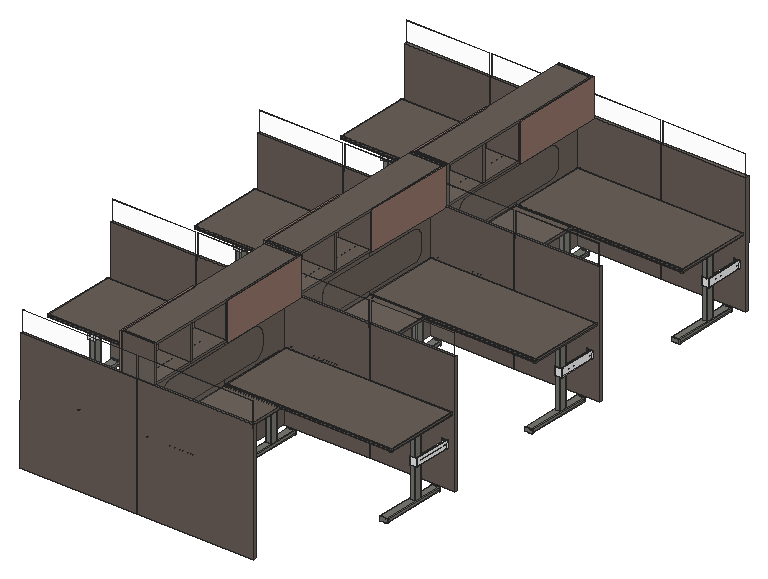
Revit family "OFS TYPICAL T200051", category Furniture, Revit 2018 (continued)
Definition of nested family "STAKS BENCHING CANTILEVER WORKSURFACE BRACKET - OPEN"
  Automatic sketch dimensions
    radius of Extrusion 4 sketch curve = 3/32"  (x16)
    radius of Extrusion 5 sketch curve = 3/32"  (x16)
Definition of nested family "OFS STAKS HEIGHT ADJUSTABLE LEG WALL PANEL BRACKET"
  Parameters (values of type "HA Leg Wall Panel Bracket")
    Width = 15 3/8"
    URL = "https://ofs.com/"
    Model = "6-HAWPB"
    Manufacturer = "OFS"
    Height From Floor = 17 3/8"
    Height = 3 1/8"
    Gap = 1"
    Description = "OFS STAKS HEIGHT ADJUSTABLE LEG WALL PANEL BRACKET"
    Depth = 3"
    Copyright © = "©OFS 2021"
    Catalog = "https://ofs.com/products/casegoods/private-office/staks"
    Bracket Material = none
    Authoring Version = "Autodesk Revit Architecture 2015"
    Assembly Code = "E2020200"
  Reference planes (in)
    plane 1: z = 0
    plane 2 "Center (Front/Back)": y = 1.37535
    plane 3 "LEFT": x = -24.1875
    plane 4 "BASE TOP": z = 17.375
    plane 5 "RIGHT": x = -8.8125
    plane 6: z = 14.25
    plane 7: y = 2.87535
    plane 8 "CENTER": x = -16.5
    plane 9: y = -0.12465
  Forms (in)
    Extrusion 1, solid, material <- "Bracket Material"
      sketch origin (0, 0, 0) x (1, 0, 0) y (0, 1, 0)
        loop
          line (-23.8814, -0.08743) -> (-20.934, -0.08743)
          arc (-20.934, -0.08743) -> (-20.75722, -0.0142) -> (-20.684, 0.16257) r 0.25
          line (-20.684, 0.16257) -> (-20.684, 1.74435)
          arc (-20.684, 1.74435) -> (-20.64059, 1.84915) -> (-20.5358, 1.89255) r 0.1482
          line (-20.5358, 1.89255) -> (-19.684, 1.89255) -> (-19.684, 2.04855) -> (-20.66133, 2.04855)
          arc (-20.66133, 2.04855) -> (-20.78767, 1.99623) -> (-20.84, 1.86989) r 0.17866
          line (-20.84, 1.86989) -> (-20.84, 0.19997)
          arc (-20.84, 0.19997) -> (-20.87848, 0.10706) -> (-20.97139, 0.06857) r 0.13139
          line (-20.97139, 0.06857) -> (-23.87175, 0.06857)
          arc (-23.87175, 0.06857) -> (-23.96244, 0.10614) -> (-24, 0.19682) r 0.12825
          line (-24, 0.19682) -> (-24, 2.87535) -> (-24.156, 2.87535) -> (-24.156, 0.18717)
          arc (-24.156, 0.18717) -> (-24.07557, -0.007) -> (-23.8814, -0.08743) r 0.2746
        loop
          line (-9.0625, 2.87535) -> (-9.0625, 0.62535) -> (-8.8125, 0.62535) -> (-8.8125, 2.87535) -> (-9.0625, 2.87535)
      from 14.25 to 17.375
    Extrusion 2, solid, material <- "Bracket Material"
      sketch origin (-16.5, 0, 0) x (0, 1, 0) y (0, 0, 1)
        loop
          line (2.28173, 17.01716) -> (2.36333, 17.01716)
          arc (2.36333, 17.01716) -> (2.38127, 17.0136) -> (2.39647, 17.00344) r 0.04688
          line (2.39647, 17.00344) -> (2.5173, 16.88267)
          arc (2.5173, 16.88267) -> (2.55797, 16.82183) -> (2.57225, 16.75005) r 0.1875
          line (2.57225, 16.75005) -> (2.57225, 16.46424)
          arc (2.57225, 16.46424) -> (2.55797, 16.39247) -> (2.5173, 16.33163) r 0.1875
          line (2.5173, 16.33163) -> (2.39647, 16.21085)
          arc (2.39647, 16.21085) -> (2.38127, 16.2007) -> (2.36333, 16.19713) r 0.04688
          line (2.36333, 16.19713) -> (2.28173, 16.19713)
          arc (2.28173, 16.19713) -> (2.24476, 16.21244) -> (2.22945, 16.24941) r 0.05228
          line (2.22945, 16.24941) -> (2.22945, 16.34557) -> (2.08795, 16.34557) -> (2.08795, 15.29033) -> (2.22945, 15.29033) -> (2.22945, 15.3865)
          arc (2.22945, 15.3865) -> (2.24476, 15.42346) -> (2.28173, 15.43878) r 0.05228
          line (2.28173, 15.43878) -> (2.36333, 15.43878)
          arc (2.36333, 15.43878) -> (2.38127, 15.43521) -> (2.39647, 15.42505) r 0.04688
          line (2.39647, 15.42505) -> (2.5173, 15.30428)
          arc (2.5173, 15.30428) -> (2.55797, 15.24344) -> (2.57225, 15.17167) r 0.1875
          line (2.57225, 15.17167) -> (2.57225, 14.88585)
          arc (2.57225, 14.88585) -> (2.55797, 14.81408) -> (2.5173, 14.75324) r 0.1875
          line (2.5173, 14.75324) -> (2.39647, 14.63247)
          arc (2.39647, 14.63247) -> (2.38127, 14.62231) -> (2.36333, 14.61874) r 0.04688
          line (2.36333, 14.61874) -> (2.28173, 14.61874)
          arc (2.28173, 14.61874) -> (2.24476, 14.63406) -> (2.22945, 14.67102) r 0.05228
          line (2.22945, 14.67102) -> (2.22945, 14.76719) -> (2.08795, 14.76719) -> (2.08795, 14.375)
          arc (2.08795, 14.375) -> (2.12456, 14.28661) -> (2.21295, 14.25) r 0.125
          line (2.21295, 14.25) -> (2.75035, 14.25)
          arc (2.75035, 14.25) -> (2.83874, 14.28661) -> (2.87535, 14.375) r 0.125
          line (2.87535, 14.375) -> (2.87535, 17.25)
          arc (2.87535, 17.25) -> (2.83874, 17.33839) -> (2.75035, 17.375) r 0.125
          line (2.75035, 17.375) -> (2.21295, 17.375)
          arc (2.21295, 17.375) -> (2.12456, 17.33839) -> (2.08795, 17.25) r 0.125
          line (2.08795, 17.25) -> (2.08795, 16.86872) -> (2.22945, 16.86872) -> (2.22945, 16.96488)
          arc (2.22945, 16.96488) -> (2.24476, 17.00185) -> (2.28173, 17.01716) r 0.05228
      from -7.5 to 7.4375
    Extrusion 3, void
      sketch origin (-16.5, 0, 0) x (0, 1, 0) y (0, 0, 1)
        loop
          line (2.87535, 17.25) -> (3.00035, 17.25) -> (3.00035, 17.45766) -> (2.75035, 17.45766) -> (2.75035, 17.375)
          arc (2.75035, 17.375) -> (2.83874, 17.33839) -> (2.87535, 17.25) r 0.125
        loop
          arc (2.87535, 14.375) -> (2.83874, 14.28661) -> (2.75035, 14.25) r 0.125
          line (2.75035, 14.25) -> (2.75035, 14.16734) -> (3.00035, 14.16734) -> (3.00035, 14.375) -> (2.87535, 14.375)
      from -8.40128 to 8.67128
    Extrusion 4, void
      sketch origin (-16.5, 0, 0) x (0, 1, 0) y (0, 0, 1)
        loop
          line (0.75035, 17.375) -> (0.75035, 17.43826) -> (0.50035, 17.43826) -> (0.50035, 17.25) -> (0.62535, 17.25)
          arc (0.62535, 17.25) -> (0.66196, 17.33839) -> (0.75035, 17.375) r 0.125
        loop
          arc (0.75035, 14.25) -> (0.66196, 14.28661) -> (0.62535, 14.375) r 0.125
          line (0.62535, 14.375) -> (0.50035, 14.375) -> (0.50035, 14.18674) -> (0.75035, 14.18674) -> (0.75035, 14.25)
      from 6.86906 to 8.45169
    Extrusion 5, void
      sketch origin (-16.5, 0, 0) x (0, 1, 0) y (0, 0, 1)
        loop
          arc (1.44174, 17.375) -> (1.53313, 17.33528) -> (1.56644, 17.24136) r 0.125
          arc (1.56644, 17.24136) -> (1.58138, 17.19922) -> (1.62239, 17.18139) r 0.05609
          line (1.62239, 17.18139) -> (2.13872, 17.18139) -> (2.13872, 17.43389) -> (1.44174, 17.43389) -> (1.44174, 17.375)
        loop
          line (1.44174, 14.27465) -> (1.44174, 14.21575) -> (2.13872, 14.21575) -> (2.13872, 14.46826) -> (1.62239, 14.46826)
          arc (1.62239, 14.46826) -> (1.58138, 14.45043) -> (1.56644, 14.40829) r 0.05609
          arc (1.56644, 14.40829) -> (1.53313, 14.31437) -> (1.44174, 14.27465) r 0.125
      from -5.08782 to -2.57666
    Extrusion 6, void
      sketch origin (0, 1.37535, 0) x (1, 0, 0) y (0, 0, 1)
        loop
          line (-19.684, 16.93139) -> (-19.62822, 16.93139) -> (-19.62822, 17.24573) -> (-19.934, 17.24573) -> (-19.934, 17.18139)
          arc (-19.934, 17.18139) -> (-19.75722, 17.10817) -> (-19.684, 16.93139) r 0.25
        loop
          arc (-19.684, 14.71826) -> (-19.75722, 14.54148) -> (-19.934, 14.46826) r 0.25
          line (-19.934, 14.46826) -> (-19.934, 14.40392) -> (-19.62822, 14.40392) -> (-19.62822, 14.71826) -> (-19.684, 14.71826)
      from -1.0177 to 0.25
    Extrusion 7, void
      sketch origin (-16.5, 0.26562, 0) x (0, 1, 0) y (0, 0, 1)
        loop
          circle (1.10682, 16.74021) r 0.125
        loop
          circle (1.10682, 14.88479) r 0.125
      from 6.35229 to 7.96968
  Cuts and joins
    Extrusion 3, Extrusion 4, Extrusion 5, Extrusion 6, Extrusion 7 cuts Extrusion 1
  Dimensions and locks (in)
    "Height From Floor": plane 4 "BASE TOP" to plane 1
    "Height": plane 4 "BASE TOP" to plane 6
    equal spacing: plane 3 "LEFT", plane 8 "CENTER", plane 5 "RIGHT"
    equal spacing: plane 9, plane 2 "Center (Front/Back)", plane 7
    "Width": plane 3 "LEFT" to plane 5 "RIGHT"
    "Depth": plane 9 to plane 7
    aligned and locked: level to plane 1
    aligned and locked: Extrusion 1 to plane 4 "BASE TOP"
    aligned and locked: Extrusion 1 to plane 6
  Automatic sketch dimensions
    plane 6 to Extrusion 2 sketch curve = 0"
    plane 4 "BASE TOP" to Extrusion 2 sketch curve = 0"
    Extrusion 2 sketch curve to plane 7 = 0"
    plane 4 "BASE TOP" to Extrusion 2 sketch curve = 1/8"  (x2)
    plane 7 to Extrusion 2 sketch curve = 1/8"
    plane 7 to Extrusion 2 sketch curve = 0.3031"  (x2)
    Extrusion 2 sketch curve to Extrusion 2 sketch curve = 0.05495"  (x4)
    Extrusion 2 sketch curve to Extrusion 2 sketch curve = 0.12083"  (x4)
    Extrusion 2 sketch curve to Extrusion 2 sketch curve = 0.13255"  (x4)
    Extrusion 2 sketch curve to Extrusion 2 sketch curve = 0.03314"  (x4)
    Extrusion 2 sketch curve to Extrusion 2 sketch curve = 0.08161"  (x4)
    Extrusion 2 sketch curve to Extrusion 2 sketch curve = 0.05228"  (x4)
    Extrusion 2 sketch curve to Extrusion 2 sketch curve = 0.06878"  (x2)
    Extrusion 2 sketch curve to Extrusion 2 sketch curve = 0.1415"  (x2)
    Extrusion 2 sketch curve to Extrusion 2 sketch curve = 0.24374"
    Extrusion 2 sketch curve to Extrusion 2 sketch curve = 0.01372"  (x2)
    Extrusion 2 sketch curve to Extrusion 2 sketch curve = 0.12077"  (x2)
    Extrusion 2 sketch curve to Extrusion 2 sketch curve = 0.09616"  (x4)
    Extrusion 2 sketch curve to Extrusion 2 sketch curve = 0.28581"  (x2)
    Extrusion 2 sketch curve to Extrusion 2 sketch curve = 0.11867"  (x2)
    Extrusion 2 sketch curve to Extrusion 2 sketch curve = 3/64"  (x2)
    Extrusion 2 sketch curve to Extrusion 2 sketch curve = 0.75836"
    plane 7 to Extrusion 1 sketch curve = 0"  (x2)
    Extrusion 1 sketch curve to plane 5 "RIGHT" = 0"
    Extrusion 1 sketch curve to plane 5 "RIGHT" = 1/4"
    Extrusion 1 sketch curve to plane 2 "Center (Front/Back)" = 0.51721"
    Extrusion 1 sketch curve to plane 8 "CENTER" = 3.184"
    Extrusion 1 sketch curve to plane 2 "Center (Front/Back)" = 0.369"
    Extrusion 1 sketch curve to Extrusion 1 sketch curve = 0.8518"
    Extrusion 1 sketch curve to Extrusion 1 sketch curve = 0.12554"  (x2)
    Extrusion 1 sketch curve to Extrusion 1 sketch curve = 0.156"
    Extrusion 1 sketch curve to plane 9 = 0.03723"
    Extrusion 1 sketch curve to Extrusion 1 sketch curve = 0.094"
    Extrusion 1 sketch curve to Extrusion 1 sketch curve = 0.03739"
    plane 3 "LEFT" to Extrusion 1 sketch curve = 0.31575"
    Extrusion 1 sketch curve to Extrusion 1 sketch curve = 0.00965"
    plane 3 "LEFT" to Extrusion 1 sketch curve = 3/16"
    plane 3 "LEFT" to Extrusion 1 sketch curve = 0.0315"
    Extrusion 1 sketch curve to Extrusion 1 sketch curve = 0.1186"
    plane 2 "Center (Front/Back)" to Extrusion 1 sketch curve = 3/4"
    plane 4 "BASE TOP" to Extrusion 3 sketch curve = 0"
    plane 6 to Extrusion 3 sketch curve = 0"
    Extrusion 3 sketch curve to plane 7 = 0"  (x2)
    Extrusion 3 sketch curve to plane 6 = 1/8"
    plane 7 to Extrusion 3 sketch curve = 1/8"
    Extrusion 3 sketch curve to plane 7 = 1/8"  (x2)
    plane 6 to Extrusion 3 sketch curve = 0.08266"
    Extrusion 3 sketch curve to Extrusion 3 sketch curve = 0.08266"
    plane 6 to Extrusion 4 sketch curve = 0"
    plane 4 "BASE TOP" to Extrusion 4 sketch curve = 0"
    Extrusion 4 sketch curve to plane 6 = 1/8"
    Extrusion 4 sketch curve to plane 9 = 5/8"  (x2)
    plane 4 "BASE TOP" to Extrusion 4 sketch curve = 1/8"
    Extrusion 4 sketch curve to Extrusion 4 sketch curve = 1/8"  (x2)
    Extrusion 4 sketch curve to Extrusion 4 sketch curve = 0.06326"
    Extrusion 4 sketch curve to plane 4 "BASE TOP" = 0.06326"
    plane 4 "BASE TOP" to Extrusion 5 sketch curve = 0"
    Extrusion 5 sketch curve to plane 2 "Center (Front/Back)" = 17/256"  (x2)
    Extrusion 5 sketch curve to Extrusion 5 sketch curve = 0.18065"  (x2)
    plane 4 "BASE TOP" to Extrusion 5 sketch curve = 0.19361"
    Extrusion 5 sketch curve to Extrusion 5 sketch curve = 0.51633"  (x2)
    plane 6 to Extrusion 5 sketch curve = 0.03425"
    Extrusion 5 sketch curve to plane 6 = 0.02465"
    Extrusion 5 sketch curve to Extrusion 5 sketch curve = 1/8"
    Extrusion 5 sketch curve to plane 6 = 0.16217"
    Extrusion 5 sketch curve to plane 6 = 0.21826"
    Extrusion 5 sketch curve to Extrusion 5 sketch curve = 0.05609"
    plane 4 "BASE TOP" to Extrusion 5 sketch curve = 1/8"
    Extrusion 5 sketch curve to plane 4 "BASE TOP" = 0.05889"
    plane 4 "BASE TOP" to Extrusion 6 sketch curve = 0.44361"
    Extrusion 6 sketch curve to plane 8 "CENTER" = 3.434"
    Extrusion 6 sketch curve to plane 6 = 0.15392"
    Extrusion 6 sketch curve to Extrusion 6 sketch curve = 0"
    Extrusion 6 sketch curve to Extrusion 6 sketch curve = 1/4"  (x2)
    Extrusion 6 sketch curve to Extrusion 6 sketch curve = 0.05578"
    Extrusion 6 sketch curve to Extrusion 6 sketch curve = 0.30578"
    Extrusion 6 sketch curve to Extrusion 6 sketch curve = 0.06433"  (x2)
    plane 2 "Center (Front/Back)" to Extrusion 7 sketch curve = 0.0029"  (x2)
    Extrusion 7 sketch curve to plane 6 = 0.63479"
    plane 4 "BASE TOP" to Extrusion 7 sketch curve = 0.63479"
    radius of Extrusion 7 sketch curve = 1/8"  (x2)
Definition of nested family "OFS ELEMENT OPEN L DESK LEFT AND RIGHT 84in Width 60in Return"
  Parameters (values of type "ELEMENT OPEN L DESK RIGHT RETURN 84in Width 60in Return")
    Worksurface Material = none
    Width = 84"
    URL = "http://www.ofsbrands.com/"
    Transaction Shelf Material = none
    Table Supp from Lateral = 2 5/8"
    Table Supp from Center = 11 1/8"
    Table Depth = 13 1/2"
    Right Return Desk Option = no
    Right Desk Ovelay [instance] = and(Right Return Desk Option, Desk Overlay Option)  # no
    Return Worksurface Width = 22"
    Paper Organizer Material = none
    Paper Organizer Depth = 12 3/4"
    Paper Organizer Clearance = 4 5/8"
    Paper Organizer Board Thickness = 3/4"
    Model = "EL-T84RL60C"
    Manufacturer = "OFS"
    Left Return Desk Option = yes
    Left Desk Overlay [instance] = and(Left Return Desk Option, Desk Overlay Option)  # yes
    Lateral Board Thickness = 1 3/16"
    Height = 45"
    Standoffs Material = none
    Groomet Material = none
    Desk Overlay Thickness = 1/8"
    Desk Overlay Option [instance] = yes
    Desk Overlay Material = none
    Desk Overlay = 6 1/2"
    Description = "OFS BRANDS OFS ELEMENT OPEN L DESK RIGHT RETURN 84\" Width, 84\"W x 34.3125\"D DESK, 60\"W x 22\"D RETURN With Paper Organizer"
    Desk Depth = 34 5/16"
    Depth = 94 5/16"
    Copyright © = "© 2018 OFS BRANDS"
    Catalog = "http://ofs.com/products/casegoods/reception/element"
    Bottom Board Offset = 0"
    Chassis Material = none
    Base Depth = 30"
    Back Board Thickness = 1 3/16"
    Authoring Version = "Autodesk Revit Architecture 2013"
    Assembly Code = "E2020200"
  Types (3): name | Model | Left Return Desk Option | Left Desk Overlay | Description
    (no name) | "EL-T84RL60C" | yes | yes | "OFS BRANDS OFS ELEMENT OPEN L DESK RIGHT RETURN 84\" Width, 84\"W x 34.3125\"D DESK, 60\"W x 22\"D RETURN With Paper Organizer"
    ELEMENT OPEN L DESK LEFT RETURN 84in Width 60in Return | "EL-T84LL60C" | no | no | "OFS BRANDS OFS ELEMENT OPEN L DESK LEFT RETURN 84\" Width, 84\"W x 34.3125\"D DESK, 60\"W x 22\"D RETURN With Paper Organizer"
    ELEMENT OPEN L DESK RIGHT RETURN 84in Width 60in Return | "EL-T84RL60C" | yes | yes | "OFS BRANDS OFS ELEMENT OPEN L DESK RIGHT RETURN 84\" Width, 84\"W x 34.3125\"D DESK, 60\"W x 22\"D RETURN With Paper Organizer"
  Reference planes (in)
    plane 1 "Center Front/Back": y = 0
    plane 2: z = 0
    plane 3 "Center Left/Right": x = 0
    plane 4 "Back External": y = 17.15625
    plane 5 "Right External": x = 42
    plane 6 "Front External": y = -17.15625
    plane 7 "Left External": x = -42
    plane 8 "Seat Height": z = 29.5
    plane 9 "Height": z = 45
    plane 10: x = 40.8125
    plane 11: x = -40.8125
    plane 12: y = 12.84375
    plane 13: y = 11.65625
    plane 14: y = 3.65625
    plane 15: z = 40.5
    plane 16: z = 28.5
    plane 17: z = 43.875
    plane 18: z = 39.375
    plane 19: z = 0
    plane 20: x = 39.375
    plane 21: x = 2.625
    plane 22: x = 35.5
    plane 23: z = 6.5
    plane 24: z = 34
    plane 25: y = 12.96875
    plane 26: y = -77.15625
    plane 27: x = -20
    plane 28: x = 20
    plane 29: y = -75.96875
    plane 30: x = -37
    plane 31: x = 37
    plane 32: y = -47.15625
    plane 33: x = 6.5
    plane 34: y = -18.34375
    plane 35: y = -75.21875
    plane 36: x = -40.0625
    plane 37: y = -19.09375
    plane 38: x = -28.0625
    plane 39: z = 34.125
    plane 40: z = 39.75
    plane 41: z = 34.875
    plane 42: y = -61.5625
    plane 43: y = -32.75
    plane 44: x = -28.8125
    plane 45: x = 20
    plane 46: x = 37
    plane 47: y = -19.09375
    plane 48: x = 28.0625
    plane 49: y = -61.5625
    plane 50: y = -32.75
    plane 51: x = 28.8125
    plane 52: x = -39.375
    plane 53: x = -2.625
    plane 54: x = -35.5
    plane 55: x = -6.5
  Forms (in)
    Extrusion 1, solid, material <- "Chassis Material", visible <- "Left Return Desk Option"
      sketch origin (0, 0, 0) x (1, 0, 0) y (0, 1, 0)
        loop
          line (42, 12.84375) -> (0, 12.84375) -> (0, 11.65625) -> (40.8125, 11.65625) -> (40.8125, -17.15625) -> (42, -17.15625) -> (42, 12.84375)
      from 0 to 40.5
    Extrusion 2, solid, material <- "Chassis Material", visible <- "Left Return Desk Option"
      sketch origin (0, 0, 6) x (1, 0, 0) y (0, 1, 0)
        loop
          line (0, 11.65625) -> (0, 3.65625) -> (40.8125, 3.65625) -> (40.8125, 11.65625) -> (0, 11.65625)
      from 33.375 to 34.5
    Extrusion 3, solid, material <- "Transaction Shelf Material", visible <- "Left Return Desk Option"
      sketch origin (0, 0, 6) x (1, 0, 0) y (0, 1, 0)
        loop
          line (0, 17.15625) -> (0, 3.65625) -> (42, 3.65625) -> (42, 17.15625) -> (0, 17.15625)
      from 37.875 to 39
    Extrusion 4, solid, material <- "Standoffs Material", visible <- "Left Return Desk Option"
      sketch origin (44.5, 0, 0) x (1, 0, 0) y (0, 1, 0)
        loop
          circle (-41.875, 10.04085) r 0.625
      from 40.5 to 43.875
    Extrusion 5, solid, material <- "Standoffs Material", visible <- "Left Return Desk Option"
      sketch origin (44.5, -4.75, 0) x (1, 0, 0) y (0, 1, 0)
        loop
          circle (-41.875, 10.04085) r 0.625
      from 40.5 to 43.875
    Extrusion 6, solid, material <- "Standoffs Material", visible <- "Left Return Desk Option"
      sketch origin (66.75, 0, 0) x (1, 0, 0) y (0, 1, 0)
        loop
          circle (-27.375, 10.04085) r 0.625
      from 40.5 to 43.875
    Extrusion 7, solid, material <- "Standoffs Material", visible <- "Left Return Desk Option"
      sketch origin (66.75, -4.75, 0) x (1, 0, 0) y (0, 1, 0)
        loop
          circle (-27.375, 10.04085) r 0.625
      from 40.5 to 43.875
    Extrusion 8, solid, material <- "Chassis Material", visible <- "Left Return Desk Option"
      sketch origin (0, 0, 0) x (1, 0, 0) y (0, 1, 0)
        loop
          line (-42, -17.15625) -> (-42, -77.15625) -> (-20, -77.15625) -> (-20, -75.96875) -> (-40.8125, -75.96875) -> (-40.8125, -18.34375) -> (-20, -18.34375) -> (-20, -17.15625) -> (-42, -17.15625)
      from 0 to 40.5
    Extrusion 9, solid, material <- "Worksurface Material", visible <- "Left Return Desk Option"
      sketch origin (14.83926, -32.43958, 0) x (1, 0, 0) y (0, 1, 0)
        loop
          line (-55.65176, 14.09583) -> (-55.65176, -43.52917) -> (-34.83926, -43.52917) -> (-34.83926, 14.09583) -> (-55.65176, 14.09583)
      from 28.5 to 29.5
    Extrusion 10, solid, material <- "Desk Overlay Material", visible <- "Left Desk Overlay"
      sketch origin (0, 0, 0) x (1, 0, 0) y (0, 0, 1)
        loop
          line (35.5, 34) -> (6.5, 34) -> (6.5, 6.5) -> (35.5, 6.5) -> (35.5, 34)
      from -12.96875 to -12.84375
    Extrusion 11, solid, material <- "Chassis Material", visible <- "Left Return Desk Option"
      sketch origin (-18.5848, -3.95032, 0) x (1, 0, 0) y (0, 1, 0)
        loop
          line (19.7723, 15.60657) -> (18.5848, 15.60657) -> (18.5848, 3.95032) -> (19.7723, 3.95032) -> (19.7723, 15.60657)
      from 0 to 28.5
    Extrusion 12, solid, material <- "Paper Organizer Material", visible <- "Left Return Desk Option"
      sketch origin (0, 0, 0) x (1, 0, 0) y (0, 1, 0)
        loop
          line (-28.0625, -19.09375) -> (-28.0625, -18.34375) -> (-40.8125, -18.34375) -> (-40.8125, -75.96875) -> (-28.0625, -75.96875) -> (-28.0625, -75.21875) -> (-40.0625, -75.21875) -> (-40.0625, -19.09375) -> (-28.0625, -19.09375)
      from 34.125 to 40.5
    Extrusion 13, solid, material <- "Paper Organizer Material", visible <- "Left Return Desk Option"
      sketch origin (0, 0, 0) x (1, 0, 0) y (0, 1, 0)
        loop
          line (-40.8125, -18.34375) -> (-40.8125, -75.96875) -> (-28.0625, -75.96875) -> (-28.0625, -18.34375) -> (-40.8125, -18.34375)
      from 39.75 to 40.5
    Extrusion 14, solid, material <- "Paper Organizer Material", visible <- "Left Return Desk Option"
      sketch origin (0, 0, 0) x (1, 0, 0) y (0, 1, 0)
        loop
          line (-40.8125, -18.34375) -> (-40.8125, -75.96875) -> (-28.0625, -75.96875) -> (-28.0625, -18.34375) -> (-40.8125, -18.34375)
      from 34.125 to 34.875
    Extrusion 15, solid, material <- "Paper Organizer Material", visible <- "Left Return Desk Option"
      sketch origin (0, 0, 0) x (1, 0, 0) y (0, 1, 0)
        loop
          line (-40.0625, -32.625) -> (-40.0625, -32.875) -> (-28.8125, -32.875) -> (-28.8125, -32.625) -> (-40.0625, -32.625)
      from 34.875 to 39.75
    Extrusion 16, solid, material <- "Paper Organizer Material", visible <- "Left Return Desk Option"
      sketch origin (0, -11.40625, 0) x (1, 0, 0) y (0, 1, 0)
        loop
          line (-40.0625, -35.625) -> (-40.0625, -35.875) -> (-28.8125, -35.875) -> (-28.8125, -35.625) -> (-40.0625, -35.625)
      from 34.875 to 39.75
    Extrusion 17, solid, material <- "Paper Organizer Material", visible <- "Left Return Desk Option"
      sketch origin (0, -22.8125, 0) x (1, 0, 0) y (0, 1, 0)
        loop
          line (-40.0625, -38.625) -> (-40.0625, -38.875) -> (-28.8125, -38.875) -> (-28.8125, -38.625) -> (-40.0625, -38.625)
      from 34.875 to 39.75
    Extrusion 18, solid, material <- "Chassis Material", visible <- "Right Return Desk Option"
      sketch origin (0, 0, 0) x (-1, 0, 0) y (0, -1, 0)
        loop
          line (-42, 17.15625) -> (-20, 17.15625) -> (-20, 18.34375) -> (-40.8125, 18.34375) -> (-40.8125, 75.96875) -> (-20, 75.96875) -> (-20, 77.15625) -> (-42, 77.15625) -> (-42, 17.15625)
      from 0 to 40.5
    Extrusion 19, solid, material <- "Worksurface Material", visible <- "Right Return Desk Option"
      sketch origin (-14.83926, -32.43958, 0) x (-1, 0, 0) y (0, -1, 0)
        loop
          line (-55.65176, -14.09583) -> (-34.83926, -14.09583) -> (-34.83926, 43.52917) -> (-55.65176, 43.52917) -> (-55.65176, -14.09583)
      from 28.5 to 29.5
    Extrusion 20, solid, material <- "Paper Organizer Material", visible <- "Right Return Desk Option"
      sketch origin (0, 0, 0) x (-1, 0, 0) y (0, -1, 0)
        loop
          line (-28.0625, 19.09375) -> (-40.0625, 19.09375) -> (-40.0625, 75.21875) -> (-28.0625, 75.21875) -> (-28.0625, 75.96875) -> (-40.8125, 75.96875) -> (-40.8125, 18.34375) -> (-28.0625, 18.34375) -> (-28.0625, 19.09375)
      from 34.125 to 40.5
    Extrusion 21, solid, material <- "Paper Organizer Material", visible <- "Right Return Desk Option"
      sketch origin (0, 0, 0) x (-1, 0, 0) y (0, -1, 0)
        loop
          line (-40.8125, 18.34375) -> (-28.0625, 18.34375) -> (-28.0625, 75.96875) -> (-40.8125, 75.96875) -> (-40.8125, 18.34375)
      from 39.75 to 40.5
    Extrusion 22, solid, material <- "Paper Organizer Material", visible <- "Right Return Desk Option"
      sketch origin (0, 0, 0) x (-1, 0, 0) y (0, -1, 0)
        loop
          line (-40.8125, 18.34375) -> (-28.0625, 18.34375) -> (-28.0625, 75.96875) -> (-40.8125, 75.96875) -> (-40.8125, 18.34375)
      from 34.125 to 34.875
    Extrusion 23, solid, material <- "Paper Organizer Material", visible <- "Right Return Desk Option"
      sketch origin (0, 0, 0) x (-1, 0, 0) y (0, -1, 0)
        loop
          line (-40.0625, 32.625) -> (-28.8125, 32.625) -> (-28.8125, 32.875) -> (-40.0625, 32.875) -> (-40.0625, 32.625)
      from 34.875 to 39.75
    Extrusion 24, solid, material <- "Paper Organizer Material", visible <- "Right Return Desk Option"
      sketch origin (0, -11.40625, 0) x (-1, 0, 0) y (0, -1, 0)
        loop
          line (-40.0625, 35.625) -> (-28.8125, 35.625) -> (-28.8125, 35.875) -> (-40.0625, 35.875) -> (-40.0625, 35.625)
      from 34.875 to 39.75
    Extrusion 25, solid, material <- "Paper Organizer Material", visible <- "Right Return Desk Option"
      sketch origin (0, -22.8125, 0) x (-1, 0, 0) y (0, -1, 0)
        loop
          line (-40.0625, 38.625) -> (-28.8125, 38.625) -> (-28.8125, 38.875) -> (-40.0625, 38.875) -> (-40.0625, 38.625)
      from 34.875 to 39.75
    Extrusion 26, solid, material <- "Worksurface Material", visible <- "Right Return Desk Option"
      sketch origin (0, 0, 0) x (-1, 0, 0) y (0, -1, 0)
        loop
          line (-36, -11.65625) -> (40.8125, -11.65625) -> (40.8125, 17.15625) -> (-42, 17.15625) -> (-42, -5.65625)
          arc (-42, -5.65625) -> (-40.24264, -9.89889) -> (-36, -11.65625) r 6
      from 28.5 to 29.5
    Extrusion 27, solid, material <- "Chassis Material", visible <- "Right Return Desk Option"
      sketch origin (0, 0, 0) x (-1, 0, 0) y (0, -1, 0)
        loop
          line (42, -12.84375) -> (42, 17.15625) -> (40.8125, 17.15625) -> (40.8125, -11.65625) -> (0, -11.65625) -> (0, -12.84375) -> (42, -12.84375)
      from 0 to 40.5
    Extrusion 28, solid, material <- "Transaction Shelf Material", visible <- "Right Return Desk Option"
      sketch origin (0, 0, 6) x (-1, 0, 0) y (0, -1, 0)
        loop
          line (0, -17.15625) -> (42, -17.15625) -> (42, -3.65625) -> (0, -3.65625) -> (0, -17.15625)
      from 37.875 to 39
    Extrusion 29, solid, material <- "Standoffs Material", visible <- "Right Return Desk Option"
      sketch origin (-44.5, 0, 0) x (-1, 0, 0) y (0, -1, 0)
        loop
          circle (-41.875, -10.04085) r 0.625
      from 40.5 to 43.875
    Extrusion 30, solid, material <- "Standoffs Material", visible <- "Right Return Desk Option"
      sketch origin (-44.5, -4.75, 0) x (-1, 0, 0) y (0, -1, 0)
        loop
          circle (-41.875, -10.04085) r 0.625
      from 40.5 to 43.875
    Extrusion 31, solid, material <- "Standoffs Material", visible <- "Right Return Desk Option"
      sketch origin (-66.75, 0, 0) x (-1, 0, 0) y (0, -1, 0)
        loop
          circle (-27.375, -10.04085) r 0.625
      from 40.5 to 43.875
    Extrusion 32, solid, material <- "Standoffs Material", visible <- "Right Return Desk Option"
      sketch origin (-66.75, -4.75, 0) x (-1, 0, 0) y (0, -1, 0)
        loop
          circle (-27.375, -10.04085) r 0.625
      from 40.5 to 43.875
    Extrusion 33, solid, material <- "Chassis Material", visible <- "Right Return Desk Option"
      sketch origin (18.5848, -3.95032, 0) x (-1, 0, 0) y (0, -1, 0)
        loop
          line (19.7723, -15.60657) -> (19.7723, -3.95032) -> (18.5848, -3.95032) -> (18.5848, -15.60657) -> (19.7723, -15.60657)
      from 0 to 28.5
    Extrusion 34, solid, material <- "Chassis Material", visible <- "Right Return Desk Option"
      sketch origin (0, 0, 6) x (-1, 0, 0) y (0, -1, 0)
        loop
          line (0, -11.65625) -> (40.8125, -11.65625) -> (40.8125, -3.65625) -> (0, -3.65625) -> (0, -11.65625)
      from 33.375 to 34.5
    Extrusion 35, solid, material <- "Desk Overlay Material", visible <- "Right Desk Ovelay"
      sketch origin (0, 0, 0) x (-1, 0, 0) y (0, 0, -1)
        loop
          line (35.5, -34) -> (35.5, -6.5) -> (6.5, -6.5) -> (6.5, -34) -> (35.5, -34)
      from -12.96875 to -12.84375
    Extrusion 36, solid, material <- "Worksurface Material", visible <- "Left Return Desk Option"
      sketch origin (0, 0, 0) x (1, 0, 0) y (0, 1, 0)
        loop
          arc (-36, 11.65625) -> (-40.24264, 9.89889) -> (-42, 5.65625) r 6
          line (-42, 5.65625) -> (-42, -17.15625) -> (40.8125, -17.15625) -> (40.8125, 11.65625) -> (-36, 11.65625)
      from 28.5 to 29.5
  Cuts and joins
    joined: Extrusion 12, Extrusion 13, Extrusion 14
    joined: Extrusion 20, Extrusion 21, Extrusion 22
  Dimensions and locks (in)
    equal spacing: plane 7 "Left External", plane 3 "Center Left/Right", plane 5 "Right External"
    "Width": plane 7 "Left External" to plane 5 "Right External"
    equal spacing: plane 6 "Front External", plane 1 "Center Front/Back", plane 4 "Back External"
    "Desk Depth": plane 4 "Back External" to plane 6 "Front External"
    plane 8 "Seat Height" to level = 29 1/2"
    "Height": plane 9 "Height" to level
    "Lateral Board Thickness": plane 7 "Left External" to plane 11
    "Lateral Board Thickness": plane 10 to plane 5 "Right External"
    "Base Depth": plane 12 to plane 6 "Front External"
    "Back Board Thickness": plane 12 to plane 13
    "Table Depth": plane 4 "Back External" to plane 14
    plane 15 to level = 40 1/2"
    "Bottom Board Offset": plane 19 to level
    "Table Supp from Lateral": plane 5 "Right External" to plane 20
    "Table Supp from Lateral": plane 21 to plane 3 "Center Left/Right"
    "Desk Overlay": plane 5 "Right External" to plane 22
    "Desk Overlay": plane 24 to plane 15
    "Desk Overlay": plane 19 to plane 23
    "Desk Overlay Thickness": plane 25 to plane 12
    "Depth": plane 4 "Back External" to plane 26
    "Return Worksurface Width": plane 7 "Left External" to plane 27
    "Return Worksurface Width": plane 28 to plane 5 "Right External"
    "Back Board Thickness": plane 29 to plane 26
    plane 7 "Left External" to plane 30 = 5"
    plane 31 to plane 5 "Right External" = 5"
    equal spacing: plane 34, plane 43, plane 32, plane 42, plane 29
    "Desk Overlay": plane 33 to plane 3 "Center Left/Right"
    "Back Board Thickness": plane 6 "Front External" to plane 34
    "Paper Organizer Board Thickness": plane 34 to plane 37
    "Paper Organizer Board Thickness": plane 11 to plane 36
    "Paper Organizer Board Thickness": plane 35 to plane 29
    "Paper Organizer Depth": plane 11 to plane 38
    "Paper Organizer Clearance": plane 39 to plane 8 "Seat Height"
    "Paper Organizer Board Thickness": plane 15 to plane 40
    "Paper Organizer Board Thickness": plane 41 to plane 39
    "Paper Organizer Board Thickness": plane 44 to plane 38
    "Return Worksurface Width": plane 5 "Right External" to plane 45
    plane 29 to plane 26 = 1 3/16"
    plane 5 "Right External" to plane 46 = 5"
    plane 34 to plane 50 to plane 32 to plane 49 to plane 29 = 14 13/32", 14 13/32", 14 13/32", 14 13/32"
    "Paper Organizer Board Thickness": plane 34 to plane 47
    plane 35 to plane 29 = 3/4"
    "Paper Organizer Depth": plane 10 to plane 48
    "Paper Organizer Board Thickness": plane 51 to plane 48
    "Table Supp from Lateral": plane 53 to plane 3 "Center Left/Right"
    "Table Supp from Lateral": plane 7 "Left External" to plane 52
    locked: plane 7 "Left External" to plane 54 at 6.5
    aligned and locked: level to plane 2
    aligned and locked: Extrusion 1 sketch curve to plane 12
    aligned and locked: plane 5 "Right External" to Extrusion 1 sketch curve
    aligned and locked: Extrusion 1 sketch curve to plane 13
    aligned and locked: Extrusion 1 to plane 19
    aligned and locked: Extrusion 2 to plane 18
    aligned and locked: plane 10 to Extrusion 2
    aligned and locked: Extrusion 2 to plane 13
    aligned and locked: Extrusion 2 to plane 14
    aligned and locked: Extrusion 3 to plane 14
    aligned and locked: Extrusion 3 to plane 4 "Back External"
    aligned and locked: Extrusion 3 to plane 9 "Height"
    aligned and locked: Extrusion 3 to plane 17
    aligned and locked: plane 5 "Right External" to Extrusion 3
    aligned and locked: Extrusion 8 sketch curve to plane 29
    aligned and locked: plane 27 to Extrusion 8 sketch curve
    aligned and locked: plane 26 to Extrusion 8 sketch curve
    aligned and locked: Extrusion 8 sketch curve to plane 6 "Front External"
    aligned and locked: plane 11 to Extrusion 9
    aligned and locked: Extrusion 9 to plane 27
    aligned and locked: Extrusion 9 to plane 29
    aligned and locked: Extrusion 8 to plane 19
    aligned and locked: plane 15 to Extrusion 8
    aligned and locked: Extrusion 3 to plane 3 "Center Left/Right"
    aligned and locked: Extrusion 2 to plane 3 "Center Left/Right"
    aligned and locked: Extrusion 10 to plane 33
    aligned and locked: Extrusion 10 to plane 22
    aligned and locked: Extrusion 8 sketch curve to plane 34
    aligned and locked: Extrusion 9 to Extrusion 8 sketch curve
    aligned and locked: Extrusion 9 to Extrusion 8
    aligned and locked: plane 37 to Extrusion 12 sketch curve
    aligned and locked: plane 36 to Extrusion 12 sketch curve
    aligned and locked: Extrusion 12 sketch curve to plane 35
    aligned and locked: Extrusion 12 sketch curve to Extrusion 8  (x3)
    aligned and locked: plane 38 to Extrusion 12 sketch curve  (x2)
    aligned and locked: plane 15 to Extrusion 12
    aligned and locked: Extrusion 12 to plane 39
    aligned and locked: Extrusion 13 sketch curve to Extrusion 8  (x2)
    aligned and locked: Extrusion 13 sketch curve to Extrusion 12  (x2)
    aligned and locked: Extrusion 13 to plane 40
    aligned and locked: plane 15 to Extrusion 13
    aligned and locked: Extrusion 14 sketch curve to Extrusion 8  (x2)
    aligned and locked: plane 29 to Extrusion 14 sketch curve
    aligned and locked: Extrusion 14 sketch curve to plane 38
    aligned and locked: Extrusion 14 to plane 39
    aligned and locked: plane 41 to Extrusion 14
    aligned and locked: Extrusion 15 to plane 41
    aligned and locked: Extrusion 16 to plane 41
    aligned and locked: Extrusion 17 to plane 41
    aligned and locked: plane 40 to Extrusion 15
    aligned and locked: plane 40 to Extrusion 16
    aligned and locked: plane 40 to Extrusion 17
    aligned and locked: plane 29 to Extrusion 18 sketch curve
    aligned and locked: plane 45 to Extrusion 18 sketch curve
    aligned and locked: Extrusion 18 sketch curve to plane 26
    aligned and locked: plane 45 to Extrusion 19
    aligned and locked: plane 29 to Extrusion 19
    aligned and locked: Extrusion 18 sketch curve to plane 34
    aligned and locked: Extrusion 19 to Extrusion 18 sketch curve
    aligned and locked: Extrusion 18 to Extrusion 19
    aligned and locked: Extrusion 20 sketch curve to plane 47
    aligned and locked: plane 35 to Extrusion 20 sketch curve
    aligned and locked: Extrusion 18 to Extrusion 20 sketch curve
    aligned and locked: Extrusion 20 sketch curve to Extrusion 18  (x2)
    aligned and locked: Extrusion 20 sketch curve to plane 48
    aligned and locked: plane 48 to Extrusion 20 sketch curve
    aligned and locked: Extrusion 21 sketch curve to Extrusion 18  (x2)
    aligned and locked: Extrusion 21 sketch curve to Extrusion 20  (x2)
    aligned and locked: Extrusion 22 sketch curve to Extrusion 18  (x2)
    aligned and locked: Extrusion 22 sketch curve to plane 29
    aligned and locked: plane 48 to Extrusion 22 sketch curve
    aligned and locked: Extrusion 26 to Extrusion 27 sketch curve
    aligned and locked: Extrusion 27 sketch curve to Extrusion 26
    aligned and locked: Extrusion 26 to Extrusion 33
    aligned and locked: plane 55 to Extrusion 35
    aligned and locked: plane 54 to Extrusion 35
  Automatic sketch dimensions
    Extrusion 1 sketch curve to plane 3 "Center Left/Right" = 0"
    plane 6 "Front External" to Extrusion 1 sketch curve = 0"
    Extrusion 1 sketch curve to plane 10 = 0"
    Extrusion 2 sketch curve to plane 3 "Center Left/Right" = 0"
    Extrusion 2 sketch curve to plane 10 = 0"
    Extrusion 2 sketch curve to plane 14 = 0"
    Extrusion 2 sketch curve to plane 13 = 0"
    Extrusion 3 sketch curve to plane 3 "Center Left/Right" = 0"
    Extrusion 3 sketch curve to plane 5 "Right External" = 0"
    Extrusion 3 sketch curve to plane 14 = 0"
    Extrusion 3 sketch curve to plane 4 "Back External" = 0"
    Extrusion 4 sketch curve to plane 21 = 0"
    Extrusion 4 sketch curve to plane 13 = 1.6154"
    Extrusion 5 sketch curve to plane 21 = 0"
    plane 14 to Extrusion 5 sketch curve = 1.6346"
    Extrusion 6 sketch curve to plane 20 = 0"
    Extrusion 6 sketch curve to plane 13 = 1.6154"
    Extrusion 7 sketch curve to plane 20 = 0"
    plane 14 to Extrusion 7 sketch curve = 1.6346"
    Extrusion 8 sketch curve to plane 7 "Left External" = 0"
    Extrusion 8 sketch curve to plane 11 = 0"
    Extrusion 9 sketch curve to plane 11 = 0"
    Extrusion 9 sketch curve to plane 27 = 0"
    Extrusion 9 sketch curve to plane 29 = 0"
    Extrusion 9 sketch curve to plane 34 = 0"
    Extrusion 10 sketch curve to plane 24 = 0"
    Extrusion 10 sketch curve to plane 33 = 0"
    plane 22 to Extrusion 10 sketch curve = 0"
    Extrusion 10 sketch curve to plane 23 = 0"
    Extrusion 11 sketch curve to plane 3 "Center Left/Right" = 0"
    plane 1 "Center Front/Back" to Extrusion 11 sketch curve = 0"
    Extrusion 11 sketch curve to plane 13 = 0"
    Extrusion 11 sketch curve to Extrusion 11 sketch curve = 1 3/16"
    Extrusion 12 sketch curve to plane 37 = 0"
    Extrusion 15 sketch curve to plane 36 = 0"
    Extrusion 15 sketch curve to plane 44 = 0"
    Extrusion 15 sketch curve to plane 43 = 1/8"
    plane 43 to Extrusion 15 sketch curve = 1/8"
    Extrusion 16 sketch curve to plane 36 = 0"
    Extrusion 16 sketch curve to plane 44 = 0"
    Extrusion 16 sketch curve to plane 32 = 1/8"
    plane 32 to Extrusion 16 sketch curve = 1/8"
    Extrusion 17 sketch curve to plane 36 = 0"
    Extrusion 17 sketch curve to plane 44 = 0"
    Extrusion 17 sketch curve to plane 42 = 1/8"
    plane 42 to Extrusion 17 sketch curve = 1/8"
    Extrusion 18 sketch curve to plane 5 "Right External" = 0"
    Extrusion 18 sketch curve to plane 10 = 0"
    Extrusion 18 sketch curve to plane 6 "Front External" = 0"
    Extrusion 19 sketch curve to plane 10 = 0"
    Extrusion 19 sketch curve to plane 28 = 0"
    Extrusion 19 sketch curve to plane 29 = 0"
    plane 34 to Extrusion 19 sketch curve = 0"
    plane 37 to Extrusion 20 sketch curve = 0"
    plane 20 to Extrusion 20 sketch curve = 11/16"
    Extrusion 23 sketch curve to plane 51 = 0"
    plane 43 to Extrusion 23 sketch curve = 1/8"
    Extrusion 23 sketch curve to plane 43 = 1/8"
    plane 20 to Extrusion 23 sketch curve = 11/16"
    Extrusion 24 sketch curve to plane 51 = 0"
    plane 32 to Extrusion 24 sketch curve = 1/8"
    Extrusion 24 sketch curve to plane 32 = 1/8"
    plane 20 to Extrusion 24 sketch curve = 11/16"
    Extrusion 25 sketch curve to plane 51 = 0"
    plane 42 to Extrusion 25 sketch curve = 1/8"
    Extrusion 25 sketch curve to plane 42 = 1/8"
    plane 20 to Extrusion 25 sketch curve = 11/16"
    Extrusion 26 sketch curve to plane 5 "Right External" = 0"
    Extrusion 26 sketch curve to plane 13 = 0"
    Extrusion 26 sketch curve to plane 11 = 0"
    Extrusion 26 sketch curve to plane 6 "Front External" = 0"
    plane 22 to Extrusion 26 sketch curve = 1/2"
    Extrusion 27 sketch curve to plane 3 "Center Left/Right" = 0"
    Extrusion 27 sketch curve to plane 7 "Left External" = 0"
    Extrusion 27 sketch curve to plane 13 = 0"
    Extrusion 27 sketch curve to plane 12 = 0"
    Extrusion 28 sketch curve to plane 3 "Center Left/Right" = 0"
    Extrusion 28 sketch curve to plane 7 "Left External" = 0"
    Extrusion 28 sketch curve to plane 4 "Back External" = 0"
    Extrusion 28 sketch curve to plane 14 = 0"
    Extrusion 29 sketch curve to plane 53 = 0"
    plane 13 to Extrusion 29 sketch curve = 1.6154"
    Extrusion 30 sketch curve to plane 53 = 0"
    Extrusion 30 sketch curve to plane 14 = 1.6346"
    Extrusion 31 sketch curve to plane 52 = 0"
    plane 13 to Extrusion 31 sketch curve = 1.6154"
    Extrusion 32 sketch curve to plane 52 = 0"
    Extrusion 32 sketch curve to plane 14 = 1.6346"
    Extrusion 33 sketch curve to plane 3 "Center Left/Right" = 0"
    plane 1 "Center Front/Back" to Extrusion 33 sketch curve = 0"
    Extrusion 33 sketch curve to plane 13 = 0"
    Extrusion 33 sketch curve to Extrusion 33 sketch curve = 1 3/16"
    Extrusion 34 sketch curve to plane 3 "Center Left/Right" = 0"
    Extrusion 34 sketch curve to plane 11 = 0"
    Extrusion 34 sketch curve to plane 13 = 0"
    Extrusion 34 sketch curve to plane 14 = 0"
    Extrusion 35 sketch curve to plane 24 = 0"
    plane 55 to Extrusion 35 sketch curve = 0"
    Extrusion 35 sketch curve to plane 23 = 0"
    plane 54 to Extrusion 35 sketch curve = 0"
    Extrusion 36 sketch curve to plane 7 "Left External" = 0"
    Extrusion 36 sketch curve to plane 13 = 0"
    Extrusion 36 sketch curve to plane 10 = 0"
    plane 6 "Front External" to Extrusion 36 sketch curve = 0"
    Extrusion 36 sketch curve to plane 54 = 1/2"
    radius of Extrusion 4 sketch curve = 5/8"
    radius of Extrusion 5 sketch curve = 5/8"
    radius of Extrusion 6 sketch curve = 5/8"
    radius of Extrusion 7 sketch curve = 5/8"
    radius of Extrusion 29 sketch curve = 5/8"
    radius of Extrusion 30 sketch curve = 5/8"
    radius of Extrusion 31 sketch curve = 5/8"
    radius of Extrusion 32 sketch curve = 5/8"
